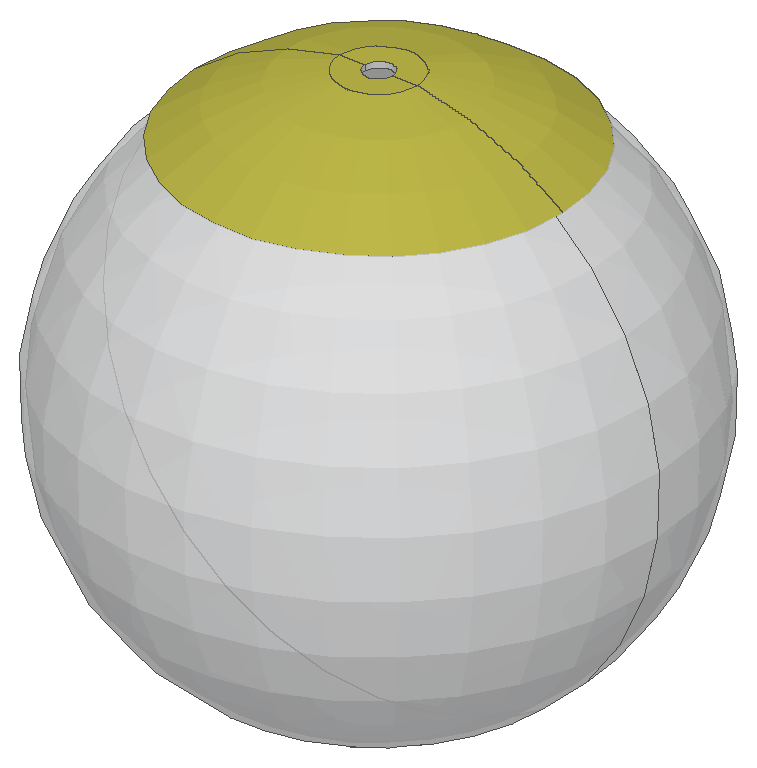
Revit family "OB10 SHADE", category Lighting Fixtures, Revit 2024
Family settings
  Round Connector Dimension = Use Diameter
  Part Type = Normal
  OmniClass Number = 23.80.70.00
  OmniClass Title = Lighting
  Work Plane-Based = No
  Always vertical = Yes
  Cut with Voids When Loaded = No
  Light Source = No
  Maintain Annotation Orientation = No
  Shared = No
  Room Calculation Point = No
Parameters
  Default Elevation = 0' - 0"
Reference planes (in)
  plane 1 "Light Source Axis (F/B)": y = 0
  plane 2: z = 0
  plane 3 "Light Source Axis (L/R)": x = 0
  plane 4 "Light Source Elevation": z = 54
Forms (in)
  Revolve 1, solid
    sketch origin (0, 0, 0) x (1, 0, 0) y (0, 0, 1)
      loop
        arc (-0.6875, 64.07868) -> (-2.05366, 63.69554) -> (-3.26241, 62.95251) r 5.125
        line (-3.26241, 62.95251) -> (-3.0623, 62.95251)
        arc (-3.0623, 62.95251) -> (-4.73088, 57.38175) -> (0, 54) r 5
        line (0, 54) -> (0, 54.09375)
        arc (0, 54.09375) -> (-4.68632, 57.54753) -> (-2.77472, 63.04626) r 4.90625
        line (-2.77472, 63.04626) -> (-2.99019, 63.04626)
        arc (-2.99019, 63.04626) -> (-1.89472, 63.66085) -> (-0.68115, 63.98493) r 5.03125
        line (-0.68115, 63.98493) -> (-0.25, 63.98493) -> (-0.25, 64.07868) -> (-0.6875, 64.07868)
      axis (0, 64.07868) -> (0, 54)
    angle from 0 to 360
Dimensions and locks (in)
  aligned and locked: level to plane 2
